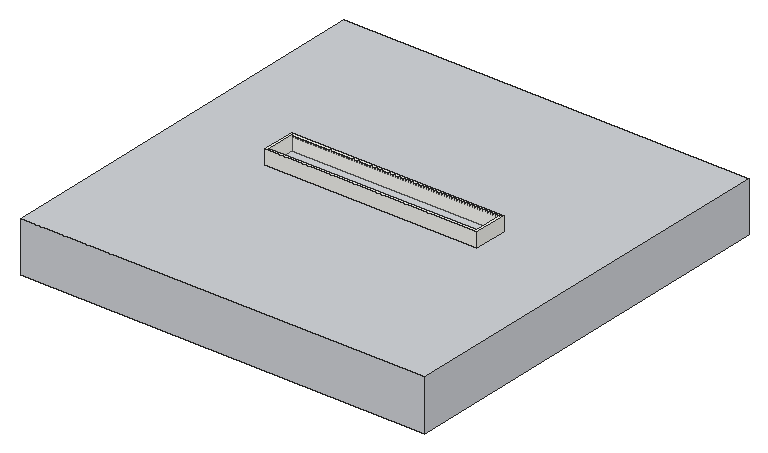
Revit family "LE_D_RE_Anbauleuchte_V1700", category Leuchten, Revit 2017
Family settings
  Basisbauteil = Fläche
  Bemaßung runder Anschluss = Durchmesser verwenden
  Teiletyp = Normal
  OmniClass-Nummer = 23.80.70.11.14.11
  OmniClass-Titel = Downlights
  Beim Laden mit Abzugskörper schneiden = Nein
  Lichtquelle = Ja
  Gemeinsam genutzt = Nein
  Raumberechnungspunkt = Nein
Parameters (values of type "Offene_Leuchte_eckig_20x125")
  pbr_Material_KZ = ""
  pbr_Material = none
  pbr_E_Typ = ""
  pbr_E_KZ = ""
  pbr_DINBild = 0
  pbr_Bild = 0
  Zentrale [instance] = ""
  Wirkleistung [instance] = 0 W
  Typenkommentare = "A22"
  Typ = ""
  Text3 = ""
  Text2 = ""
  Text1 = ""
  Spannung [instance] = 0
  Scheinleistung [instance] = 0 VA
  Schaltgruppe2 [instance] = 0
  Schaltgruppe1 [instance] = 0
  Planungsbüro Rohling = "www.pbr.de"
  Offene Leuchte = yes
  Menge(Dosenzahl) = 1
  Linie/Anschluss [instance] = ""
  Lampentyp [instance] = ""
  Kommentar zur Wattzahl [instance] = ""
  Installationsart [instance] = ""
  Info = ""
  Gewerk [instance] = "BEL"
  Breite 1 = Gehäusebreite / 2  # 100 mm
  Wattage = 32 W
  built-in parameter 1150110 = 1 (stored number, unit not read)
  built-in parameter 1114217 = 0.88 (stored number, unit not read)
  Tilt Angle = -90.00°
  built-in parameter 1150109 = 1 (stored number, unit not read)
  built-in parameter 1150134 = 3
  built-in parameter 1150113 = 1 (stored number, unit not read)
  built-in parameter 1010507 = 1.5708 (stored number, unit not read)
  built-in parameter 1010506 = 0.5236 (stored number, unit not read)
  built-in parameter 1150105 = 9629.5 (stored number, unit not read)
  Lumens = 2880 lm
  built-in parameter 1150115 = 1 (stored number, unit not read)
  Lastklassifizierung = Beleuchtung
  built-in parameter 1150131 = 3048 mm
  built-in parameter 1150137 = (empty or 0)
  built-in parameter 1150139 = (empty or 0)
  Lichtboxmaterial = Metall - Oberfläche lackiert - elfenbein - Mit Glanz
  Länge 1 = Gehäuselänge / 2  # 625 mm
  built-in parameter 1150112 = 1 (stored number, unit not read)
  built-in parameter 1150114 = 1 (stored number, unit not read)
  Lamp = ""
  built-in parameter 1150132 = (empty or 0)
  built-in parameter 1150102 = (empty or 0)
  built-in parameter 1150107 = 3200 (stored number, unit not read)
  built-in parameter 1150138 = (empty or 0)
  built-in parameter 1150106 = 96.295 (stored number, unit not read)
  Von Breite des Rechtecks ausssenden = Gehäusebreite - 26 mm  # 174 mm
  Von Länge des Rechtecks aussenden = Gehäuselänge - 26 mm  # 1224 mm
  Emit Shape Visible in Rendering = no
  built-in parameter 1114216 [instance] = (empty or 0)
  built-in parameter 1150104 = 8.3613 (stored number, unit not read)
  Dimming Lamp Color Temperature Shift = (empty or 0)
  Diffusormaterial = Glas - Weiß, hohe Luminanz
  Vorgabe-Ansicht = 1200 mm
  Farbfilter = 16777215
  Gehäusebreite = 200 mm
  Gehäuselänge = 1250 mm
  Spannung Vorschaltgerät = 230 V
  Phasen Vorschaltgerät = 1
  built-in parameter 1114218 = 1 (stored number, unit not read)
  Länge des Lichtquellensymbols = 3048 mm
  Apparent Load = 0 VA
Types (5, lengths in mm): name | Typenkommentare | Typ | Offene Leuchte | Breite 1 | built-in parameter 1150105 | Lumens | Länge 1 | built-in parameter 1150106 | Von Breite des Rechtecks ausssenden | Von Länge des Rechtecks aussenden | built-in parameter 1114216 | built-in parameter 1150104 | Gehäusebreite | Gehäuselänge
  Offene_Leuchte_eckig_20x125 | "A22" | "" | yes | 100 | 9629.5 (stored number, unit not read) | 2880 lm | 625 | 96.295 (stored number, unit not read) | 174 | 1224 | (empty or 0) | 8.3613 (stored number, unit not read) | 200 | 1250
  Offene_Leuchte_eckig_20x155 | "A23" | "" | yes | 100 | 9629.5 (stored number, unit not read) | 2880 lm | 775 | 96.295 (stored number, unit not read) | 174 | 1524 | (empty or 0) | 8.3613 (stored number, unit not read) | 200 | 1550
  Anbauleuchte_eckig_20x155 | "A23" | "" | no | 100 | 9629.5 (stored number, unit not read) | 2880 lm | 775 | 96.295 (stored number, unit not read) | 174 | 1524 | (empty or 0) | 8.3613 (stored number, unit not read) | 200 | 1550
  Anbauleuchte_eckig_20x125 | "A22" | "" | no | 100 | 9629.5 (stored number, unit not read) | 2880 lm | 625 | 96.295 (stored number, unit not read) | 174 | 1224 | (empty or 0) | 8.3613 (stored number, unit not read) | 200 | 1250
  Anbauleuchte_eckig_10x65 | 0 | "A17" | no | 50 | 10699.4 (stored number, unit not read) | 3200 lm | 625 | 106.99 (stored number, unit not read) | 74 | 1224 | 0.88 (stored number, unit not read) | 9.2903 (stored number, unit not read) | 100 | 1250
Reference planes
  plane 1 "Mitte (Vorne/Hinten)": y = 0
  plane 2: z = 0
  plane 3 "Mitte (Links/Rechts)": x = 0
  plane 4: y = 100
  plane 5: y = -100
  plane 6: x = -625
  plane 7: x = 625
  plane 8: z = 89
  plane 9: z = 83
  plane 10: z = 77
Forms (mm)
  Extrusion 1, solid
    sketch origin (0, 0, 0) x (1, 0, 0) y (0, 1, 0)
      loop
        line (-1219.2, 1219.2) -> (-1219.2, -1219.2) -> (1219.2, -1219.2) -> (1219.2, 1219.2) -> (-1219.2, 1219.2)
    from 0 to -304.8
  Extrusion 2, solid, material "Metall - Oberfläche lackiert - elfenbein - Mit Glanz" <- "Lichtboxmaterial"
    sketch origin (0, 0, 0) x (1, 0, 0) y (0, 1, 0)
      loop
        line (-638, 100) -> (-638, -100) -> (638, -100) -> (638, 100) -> (-638, 100)
      loop
        line (-625, 87) -> (-625, -87) -> (625, -87) -> (625, 87) -> (-625, 87)
    from 0 to 89
  Extrusion 3, solid, material "Glas - Weiß, hohe Luminanz" <- "Diffusormaterial"
    sketch origin (0, 0, 0) x (1, 0, 0) y (0, 1, 0)
      loop
        line (-625, 87) -> (-625, -87) -> (625, -87) -> (625, 87) -> (-625, 87)
    from 83 to 77
Lines and regions (mm)
  model lines, style "LE-br", visible <- "Offene Leuchte"
    curve 1: line (-625, 100, 0) -> (-625, 150, 0)
    curve 2: line (-625, -100, 0) -> (-625, -150, 0)
    curve 3: line (625, 100, 0) -> (625, 150, 0)
    curve 4: line (625, -100, 0) -> (625, -150, 0)
Dimensions and locks
  equal spacing: plane 6, plane 3 "Mitte (Links/Rechts)", plane 7
  "Gehäuselänge": plane 6 to plane 7
  equal spacing: plane 4, plane 1 "Mitte (Vorne/Hinten)", plane 5
  "Gehäusebreite": plane 4 to plane 5
  locked: plane 8 to plane 2 at 89
  locked: plane 8 to plane 9 at 6
  locked: plane 9 to plane 10 at 6
  aligned and locked: plane 2 to Extrusion 1
  aligned and locked: level to Extrusion 1
  aligned and locked: Extrusion 2 sketch curve to plane 4
  aligned and locked: plane 5 to Extrusion 2 sketch curve
  aligned and locked: Extrusion 2 sketch curve to plane 7
  aligned and locked: plane 6 to Extrusion 2 sketch curve
  aligned and locked: plane 6 to Extrusion 3 sketch curve
  aligned and locked: Extrusion 3 sketch curve to plane 7
  aligned and locked: Extrusion 2 to plane 2
  aligned and locked: plane 8 to Extrusion 2
  aligned and locked: plane 9 to Extrusion 3
  aligned and locked: Extrusion 3 to plane 10
  aligned and locked: imposter light to plane 9
  aligned and locked: imposter light to plane 3 "Mitte (Links/Rechts)"
  aligned and locked: plane 7 to curve 3
  aligned and locked: curve 4 to plane 7
  aligned and locked: plane 3 "Mitte (Links/Rechts)" to nested 1
  aligned and locked: plane 1 "Mitte (Vorne/Hinten)" to nested 1
Automatic sketch dimensions
  Extrusion 1 sketch curve to Extrusion 1 sketch curve = 2438.4 mm  (x2)
  plane 7 to Extrusion 2 sketch curve = 13 mm
  Extrusion 2 sketch curve to plane 6 = 13 mm
  Extrusion 2 sketch curve to plane 4 = 13 mm
  Extrusion 3 sketch curve to plane 4 = 13 mm
  plane 5 to Extrusion 2 sketch curve = 13 mm
  plane 5 to Extrusion 3 sketch curve = 13 mm
  curve 1 to plane 6 = 0 mm
  curve 2 to plane 5 = 0 mm
  curve 2 to plane 6 = 0 mm
  curve 4 to plane 5 = 0 mm
  curve 3 to plane 4 = 0 mm
  curve 1 to plane 4 = 0 mm
  curve 2 to plane 5 = 50 mm
  curve 4 to curve 4 = 50 mm
  plane 4 to curve 3 = 50 mm
  curve 1 to curve 1 = 50 mm
Nested families
  nested 1: "Downlight - rechteckig - Aufputz" at (0, 0, 0), type "Downlight - rechteckig - Aufputz"
Connectors
  electrical at (0, 0, 77), driven by "Phasen Vorschaltgerät", driven by "Lastklassifizierung", driven by "Spannung Vorschaltgerät", driven by "Apparent Load"
    settings: on Extrusion 3, index 1, voltage 230 V, apparent load 0 VA, apparent load phase1 0 VA, apparent load phase2 0 VA, apparent load phase3 0 VA, power factor 1, load classification "Beleuchtung", number of poles 1, system type 30, power factor state 1, is connector primary yes, connector utility no, sub classification motor no, connector description ""
Definition of nested family "Downlight - rechteckig - Aufputz"
  Parameters (values of type "Downlight - rechteckig - Aufputz")
    pbr_Material_KZ = ""
    pbr_Material = none
    pbr_E_Typ = ""
    pbr_E_KZ = ""
    pbr_DINBild = 0
    pbr_Bild = 0
    Zentrale [instance] = ""
    Wirkungsgrad [instance] = 0 lm/W
    Watt [instance] = 0 W
    Typ = ""
    Text3 = ""
    Text2 = ""
    Text1 = ""
    Spannung [instance] = 0
    Scheinleistung [instance] = 0 VA
    Schaltgruppe2 [instance] = 0
    Schaltgruppe1 [instance] = 0
    Planungsbüro Rohling = "www.pbr.de"
    Menge(Dosenzahl) = 1
    Lastklassifizierung [instance] = none
    Lampentyp [instance] = ""
    Kommentar zur Wattzahl [instance] = ""
    Installationsart [instance] = ""
    Info = ""
    Gewerk = "Beleuchtung"
    Breite = 100 mm
    Länge = 1250 mm
  Reference planes
    plane 1 "Mitte (Vorne/Hinten)": y = 0
    plane 2: z = 0
    plane 3 "Mitte (Links/Rechts)": x = 0
    plane 4: y = 50
    plane 5: y = -50
    plane 6: x = -625
    plane 7: x = 625
  Lines and regions (mm)
    Filled region 1, type "Flächenfüllung Schwarz", in view "Referenzebene"
      outline origin (0, 0, 0) x (1, 0, 0) y (0, 1, 0)
        loop
          line (-625, 50) -> (-625, -50) -> (625, -50) -> (625, 50) -> (-625, 50)
  Dimensions and locks
    equal spacing: plane 6, plane 3 "Mitte (Links/Rechts)", plane 7
    "Länge": plane 6 to plane 7
    equal spacing: plane 4, plane 1 "Mitte (Vorne/Hinten)", plane 5
    "Breite": plane 4 to plane 5
  Automatic sketch dimensions
    Filled region 1 sketch curve to plane 5 = 0 mm
    Filled region 1 sketch curve to plane 6 = 0 mm
    Filled region 1 sketch curve to plane 7 = 0 mm
    Filled region 1 sketch curve to plane 4 = 0 mm
